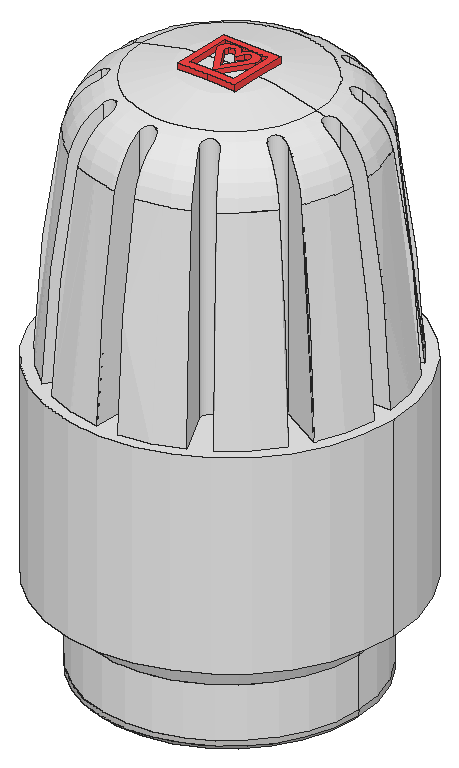
Revit family "HERZ-HERZCULES-Thermostatic Head M28x1.5 9860", category Rohrzubehör, Revit 2021
Family settings
  Bemaßung runder Anschluss = Durchmesser verwenden
  Teiletyp = Normal
  OmniClass-Nummer = 23.65.55.14
  OmniClass-Titel = Valves for Liquid Services
  Arbeitsebenenbasiert = Nein
  Immer vertikal = Nein
  Beim Laden mit Abzugskörper schneiden = Nein
  Gemeinsam genutzt = Nein
Parameters
  Vorgabe-Ansicht = 0.000 mm
  URL = "www.herzvalves.com"
  Set value range = "8 - 26°C"  # constant formula
  S02 = 60.000 mm  # constant formula
  S01 = 81.000 mm  # constant formula
  Part number = 1986010  # constant formula
  Operation = "The HERZ-thermostat serves as a sensor and control element.\r\nThe change in volume of the liquid contained in the HERZ-hydrosensor actuates the valve spindle."
  Model = "HERZCULES, radiator thermostat in robust version\r\nProtection against vandalism, theft and unauthorised operation.\r\nMounting, dismounting and set point control only possible with special tools.\r\nLocked and concealed set point.\r\nWith automatic frost release."
  Hersteller = "HERZ Armaturen Ges.m.b.H."  # constant formula
  Hand wheel = "plastic, white"  # constant formula
  Application = "HERZCULES, thermostatic head for mounting on HERZ-Valves, suitable for thermostatic operation."
Reference planes
  plane 1 "Mitte (Vorne/hinten)": y = 0
  plane 2: z = 0
  plane 3 "Mitte (Links/rechts)": x = 0
Forms (mm)
  Revolve 1, solid, material "Kunststoff weiß", detail levels fine
    sketch origin (0, 0, 0) x (1, 0, 0) y (0, 0, 1)
      loop
        line (-20.5, -3.5) -> (-14, -3.5) -> (-14, 0) -> (0, 0) -> (0, 81)
        arc (0, 81) -> (-6.982, 80.51) -> (-13.827, 79.05) r 50
        arc (-13.827, 79.05) -> (-18.34, 76.173) -> (-20.722, 71.381) r 10
        arc (-20.722, 71.381) -> (-23.123, 55.561) -> (-24.254, 39.6) r 200.5
        line (-24.254, 39.6) -> (-26, 39.6) -> (-26, 9) -> (-23.156, 9) -> (-20.5, 4.4) -> (-20.5, -3.5)
      axis (0, 81) -> (0, -3.5)
    angle from 0 to 360
  Revolve 2, solid, material "Messing verzinkt", detail levels fine
    sketch origin (0, 0, -5) x (1, 0, 0) y (0, 0, 1)
      loop
        line (-14, 0) -> (-14, 1.5) -> (-20.5, 1.5) -> (-20.5, 0.7) -> (-19.8, 0) -> (-14, 0)
      axis (0, 1.5) -> (0, 0)
    angle from 0 to 360
  Extrusion 3, void
    sketch origin (0, 0, 0) x (1, 0, 0) y (0, 1, 0)
      loop
        line (1.7, -24.289) -> (1.331, -16.288)
        arc (1.331, -16.288) -> (-0.021, -15) -> (-1.366, -16.294) r 1.35
        line (-1.366, -16.294) -> (-1.7, -24.292)
        arc (-1.7, -24.292) -> (0, -24.35) -> (1.7, -24.289) r 24.35
      loop
        arc (-13.65, -20.176) -> (-12.208, -21.079) -> (-10.707, -21.879) r 24.35
        line (-10.707, -21.879) -> (-6.996, -14.785)
        arc (-6.996, -14.785) -> (-7.515, -12.992) -> (-9.329, -13.431) r 1.35
        line (-9.329, -13.431) -> (-13.65, -20.176)
      loop
        line (-20.194, -13.632) -> (-13.449, -9.312)
        arc (-13.449, -9.312) -> (-13.009, -7.497) -> (-14.803, -6.979) r 1.35
        line (-14.803, -6.979) -> (-21.896, -10.689)
        arc (-21.896, -10.689) -> (-21.097, -12.19) -> (-20.194, -13.632) r 24.35
      loop
        arc (-24.307, 1.718) -> (-24.368, 0.018) -> (-24.309, -1.682) r 24.35
        line (-24.309, -1.682) -> (-16.311, -1.349)
        arc (-16.311, -1.349) -> (-15.018, -0.003) -> (-16.305, 1.349) r 1.35
        line (-16.305, 1.349) -> (-24.307, 1.718)
      loop
        arc (1.7, 24.289) -> (0, 24.35) -> (-1.7, 24.292) r 24.35
        line (-1.7, 24.292) -> (-1.366, 16.294)
        arc (-1.366, 16.294) -> (-0.021, 15) -> (1.331, 16.288) r 1.35
        line (1.331, 16.288) -> (1.7, 24.289)
      loop
        line (-13.65, 20.176) -> (-9.329, 13.431)
        arc (-9.329, 13.431) -> (-7.515, 12.992) -> (-6.996, 14.785) r 1.35
        line (-6.996, 14.785) -> (-10.707, 21.879)
        arc (-10.707, 21.879) -> (-12.208, 21.079) -> (-13.65, 20.176) r 24.35
      loop
        arc (-20.194, 13.632) -> (-21.097, 12.19) -> (-21.896, 10.689) r 24.35
        line (-21.896, 10.689) -> (-14.803, 6.979)
        arc (-14.803, 6.979) -> (-13.009, 7.497) -> (-13.449, 9.312) r 1.35
        line (-13.449, 9.312) -> (-20.194, 13.632)
      loop
        line (24.307, 1.718) -> (16.305, 1.349)
        arc (16.305, 1.349) -> (15.018, -0.003) -> (16.311, -1.349) r 1.35
        line (16.311, -1.349) -> (24.309, -1.682)
        arc (24.309, -1.682) -> (24.368, 0.018) -> (24.307, 1.718) r 24.35
      loop
        arc (13.65, 20.176) -> (12.208, 21.079) -> (10.707, 21.879) r 24.35
        line (10.707, 21.879) -> (6.996, 14.785)
        arc (6.996, 14.785) -> (7.515, 12.992) -> (9.329, 13.431) r 1.35
        line (9.329, 13.431) -> (13.65, 20.176)
      loop
        line (20.194, 13.632) -> (13.449, 9.312)
        arc (13.449, 9.312) -> (13.009, 7.497) -> (14.803, 6.979) r 1.35
        line (14.803, 6.979) -> (21.896, 10.689)
        arc (21.896, 10.689) -> (21.097, 12.19) -> (20.194, 13.632) r 24.35
      loop
        line (13.65, -20.176) -> (9.329, -13.431)
        arc (9.329, -13.431) -> (7.515, -12.992) -> (6.996, -14.785) r 1.35
        line (6.996, -14.785) -> (10.707, -21.879)
        arc (10.707, -21.879) -> (12.208, -21.079) -> (13.65, -20.176) r 24.35
      loop
        arc (20.194, -13.632) -> (21.097, -12.19) -> (21.896, -10.689) r 24.35
        line (21.896, -10.689) -> (14.803, -6.979)
        arc (14.803, -6.979) -> (13.009, -7.497) -> (13.449, -9.312) r 1.35
        line (13.449, -9.312) -> (20.194, -13.632)
    from 39.6 to 90
Cuts and joins
  Extrusion 3 cuts Revolve 1
Lines and regions (mm)
  model lines, detail levels coarse+medium
    curve 1: line (0, 0, 0) -> (0, 0, 21)
    curve 2: line (0, -0.017, 0) -> (0, 21, 0)
    curve 3: circle (0, 0, 51) r 30 normal (0, -1, 0)
    curve 4: circle (0, 0, 51) r 30 normal (1, 0, 0)
    curve 5: line (0, 0, 31) -> (0, 0, 71)
    curve 6: line (0, 17.5, 71) -> (0, -17.5, 71)
    curve 7: line (0, 0, 31) -> (0, 0, 71)
    curve 8: line (-17.5, 0, 71) -> (17.5, 0, 71)
    curve 9: circle (0, 51, 0) r 30 normal (0, 0, 1)
    curve 10: line (0, 31, 0) -> (0, 71, 0)
    curve 11: line (-17.5, 71, 0) -> (17.5, 71, 0)
Dimensions and locks
  nested 1 to plane 2 = 80.000 mm
  "S01": curve 4 to plane 2
  "S01": curve 3 to plane 2
  "S01": plane 1 "Mitte (Vorne/hinten)" to curve 9
  "S02": diameter of curve 3
  "S02": diameter of curve 4
  "S02": diameter of curve 9
  aligned and locked: level to plane 2
Automatic sketch dimensions
  Revolve 1 sketch curve to level = 0.000 mm
  Revolve 1 sketch curve to plane 3 "Mitte (Links/rechts)" = 0.000 mm  (x2)
  Revolve 1 sketch curve to plane 3 "Mitte (Links/rechts)" = 10.903 mm
  Revolve 1 sketch curve to plane 3 "Mitte (Links/rechts)" = 14.000 mm
  Revolve 1 sketch curve to Revolve 1 sketch curve = 6.500 mm
  level to Revolve 1 sketch curve = 9.000 mm
  Revolve 1 sketch curve to Revolve 1 sketch curve = 2.656 mm
  Revolve 1 sketch curve to plane 3 "Mitte (Links/rechts)" = 24.254 mm
  Revolve 1 sketch curve to Revolve 1 sketch curve = 1.746 mm
  level to Revolve 1 sketch curve = 33.411 mm
  plane 3 "Mitte (Links/rechts)" to Revolve 1 sketch curve = 176.150 mm
  Revolve 1 sketch curve to level = 3.500 mm
  level to Revolve 1 sketch curve = 4.400 mm
  level to Revolve 1 sketch curve = 31.000 mm
  Revolve 1 sketch curve to Revolve 1 sketch curve = 8.600 mm
  Revolve 1 sketch curve to Revolve 1 sketch curve = 29.887 mm
  Revolve 1 sketch curve to Revolve 1 sketch curve = 11.513 mm
  Revolve 1 sketch curve to Revolve 1 sketch curve = 2.925 mm
  level to Revolve 1 sketch curve = 5.000 mm
  Revolve 1 sketch curve to Revolve 1 sketch curve = 2133.315 mm
  Revolve 2 sketch curve to plane 3 "Mitte (Links/rechts)" = 0.000 mm
  Revolve 2 sketch curve to level = 5.000 mm
  Revolve 2 sketch curve to plane 3 "Mitte (Links/rechts)" = 14.000 mm
  Revolve 2 sketch curve to Revolve 2 sketch curve = 5.800 mm
  Revolve 2 sketch curve to Revolve 2 sketch curve = 0.700 mm  (x2)
  Revolve 2 sketch curve to Revolve 2 sketch curve = 1.500 mm
  Revolve 2 sketch curve to Revolve 2 sketch curve = 366.045 mm
  level to Revolve 2 sketch curve = 2209.315 mm
  Extrusion 3 sketch curve to Extrusion 3 sketch curve = 0.000 mm  (x62)
  plane 1 "Mitte (Vorne/hinten)" to Extrusion 3 sketch curve = 0.000 mm  (x4)
  plane 1 "Mitte (Vorne/hinten)" to Extrusion 3 sketch curve = 1.682 mm  (x2)
  Extrusion 3 sketch curve to plane 3 "Mitte (Links/rechts)" = 24.309 mm
  Extrusion 3 sketch curve to plane 1 "Mitte (Vorne/hinten)" = 1.718 mm  (x2)
  Extrusion 3 sketch curve to Extrusion 3 sketch curve = 0.002 mm
  plane 1 "Mitte (Vorne/hinten)" to Extrusion 3 sketch curve = 10.689 mm  (x2)
  Extrusion 3 sketch curve to Extrusion 3 sketch curve = 2.413 mm
  plane 1 "Mitte (Vorne/hinten)" to Extrusion 3 sketch curve = 13.632 mm
  Extrusion 3 sketch curve to Extrusion 3 sketch curve = 4.113 mm
  Extrusion 3 sketch curve to Extrusion 3 sketch curve = 7.942 mm
  plane 1 "Mitte (Vorne/hinten)" to Extrusion 3 sketch curve = 1.349 mm  (x2)
  Extrusion 3 sketch curve to Extrusion 3 sketch curve = 0.056 mm
  Extrusion 3 sketch curve to plane 1 "Mitte (Vorne/hinten)" = 1.349 mm  (x2)
  Extrusion 3 sketch curve to plane 1 "Mitte (Vorne/hinten)" = 6.979 mm  (x2)
  Extrusion 3 sketch curve to Extrusion 3 sketch curve = 1.503 mm  (x4)
  plane 1 "Mitte (Vorne/hinten)" to Extrusion 3 sketch curve = 6.979 mm  (x2)
  Extrusion 3 sketch curve to Extrusion 3 sketch curve = 1.509 mm
  Extrusion 3 sketch curve to Extrusion 3 sketch curve = 0.626 mm  (x6)
  Extrusion 3 sketch curve to Extrusion 3 sketch curve = 6.544 mm  (x2)
  Extrusion 3 sketch curve to plane 1 "Mitte (Vorne/hinten)" = 9.312 mm
  Extrusion 3 sketch curve to Extrusion 3 sketch curve = 0.728 mm  (x6)
  plane 1 "Mitte (Vorne/hinten)" to Extrusion 3 sketch curve = 9.312 mm
  Extrusion 3 sketch curve to Extrusion 3 sketch curve = 2.943 mm  (x4)
  Extrusion 3 sketch curve to Extrusion 3 sketch curve = 4.120 mm  (x6)
  Extrusion 3 sketch curve to Extrusion 3 sketch curve = 1.137 mm  (x4)
  Extrusion 3 sketch curve to Extrusion 3 sketch curve = 1.196 mm  (x5)
  Extrusion 3 sketch curve to plane 3 "Mitte (Links/rechts)" = 1.700 mm  (x2)
  Extrusion 3 sketch curve to plane 3 "Mitte (Links/rechts)" = 1.366 mm  (x2)
  Extrusion 3 sketch curve to plane 3 "Mitte (Links/rechts)" = 0.018 mm  (x2)
  plane 3 "Mitte (Links/rechts)" to Extrusion 3 sketch curve = 0.018 mm
  plane 3 "Mitte (Links/rechts)" to Extrusion 3 sketch curve = 1.331 mm  (x2)
  plane 3 "Mitte (Links/rechts)" to Extrusion 3 sketch curve = 1.700 mm  (x2)
  Extrusion 3 sketch curve to Extrusion 3 sketch curve = 5.665 mm  (x2)
  Extrusion 3 sketch curve to Extrusion 3 sketch curve = 3.710 mm  (x2)
  Extrusion 3 sketch curve to Extrusion 3 sketch curve = 0.006 mm  (x3)
  Extrusion 3 sketch curve to Extrusion 3 sketch curve = 6.745 mm  (x6)
  Extrusion 3 sketch curve to Extrusion 3 sketch curve = 1.702 mm  (x3)
  Extrusion 3 sketch curve to plane 1 "Mitte (Vorne/hinten)" = 10.689 mm  (x2)
  Extrusion 3 sketch curve to Extrusion 3 sketch curve = 8.002 mm  (x3)
  Extrusion 3 sketch curve to Extrusion 3 sketch curve = 7.181 mm
  Extrusion 3 sketch curve to Extrusion 3 sketch curve = 4.848 mm
  Extrusion 3 sketch curve to Extrusion 3 sketch curve = 2.333 mm
  Extrusion 3 sketch curve to Extrusion 3 sketch curve = 4.320 mm
  curve 5 to plane 1 "Mitte (Vorne/hinten)" = 0.000 mm
  curve 4 to plane 1 "Mitte (Vorne/hinten)" = 0.000 mm
  plane 1 "Mitte (Vorne/hinten)" to curve 6 = 17.500 mm
  curve 5 to curve 6 = 17.500 mm
  curve 5 to curve 4 = 20.000 mm
  curve 4 to curve 6 = 20.000 mm
  curve 3 to plane 3 "Mitte (Links/rechts)" = 0.000 mm
  curve 7 to plane 3 "Mitte (Links/rechts)" = 0.000 mm
  curve 1 to plane 3 "Mitte (Links/rechts)" = 0.000 mm
  curve 1 to level = 0.000 mm
  curve 8 to curve 7 = 17.500 mm
  plane 3 "Mitte (Links/rechts)" to curve 8 = 17.500 mm
  curve 1 to curve 7 = 10.000 mm
  curve 3 to curve 8 = 20.000 mm
  curve 9 to plane 3 "Mitte (Links/rechts)" = 0.000 mm
  curve 10 to plane 3 "Mitte (Links/rechts)" = 0.000 mm
  curve 2 to plane 3 "Mitte (Links/rechts)" = 0.000 mm
  curve 11 to curve 10 = 17.500 mm
  plane 3 "Mitte (Links/rechts)" to curve 11 = 17.500 mm
  plane 1 "Mitte (Vorne/hinten)" to curve 2 = 0.017 mm
  curve 2 to curve 10 = 10.000 mm
  curve 9 to curve 11 = 20.000 mm
Nested families
  nested 1: "Herz-Logo" at (0, 0, 80), type "Herz-Logo", detail levels fine
Definition of nested family "Herz-Logo"
  Parameters (values of type "Herz-Logo")
    Default Elevation = 0.000 mm
  Reference planes
    plane 1 "Mitte (Vorne/hinten)": y = 0
    plane 2: z = 0
    plane 3 "Mitte (Links/rechts)": x = 0
  Forms (mm)
    Extrusion 1, solid
      sketch origin (0, 0, 0) x (1, 0, 0) y (0, 1, 0)
        loop
          line (-0.018, -4.517) -> (4.482, -4.517) -> (4.482, 4.483) -> (-4.518, 4.483) -> (-4.518, -4.517) -> (-0.018, -4.517)
        loop
          line (-0.05, -3.48) -> (3.482, -3.48) -> (3.482, 3.483) -> (-3.518, 3.483) -> (-3.518, -3.48) -> (-0.05, -3.48)
        loop
          arc (-0.018, 2.383) -> (-1.543, 3.287) -> (-3.067, 2.383) r 1.738
          arc (-3.067, 2.383) -> (-3.191, 1.899) -> (-3.067, 1.415) r 1.009
          line (-3.067, 1.415) -> (-0.018, -3.281) -> (3.032, 1.415)
          arc (3.032, 1.415) -> (3.156, 1.899) -> (3.032, 2.383) r 1.009
          arc (3.032, 2.383) -> (1.507, 3.287) -> (-0.018, 2.383) r 1.738
        loop
          arc (1.885, 1.272) -> (2.005, 1.675) -> (1.885, 2.079) r 0.74
          arc (1.885, 2.079) -> (1.265, 2.416) -> (0.644, 2.079) r 0.74
          line (0.644, 2.079) -> (-0.018, 0.97) -> (-0.679, 2.079)
          arc (-0.679, 2.079) -> (-1.3, 2.416) -> (-1.921, 2.079) r 0.74
          arc (-1.921, 2.079) -> (-2.04, 1.675) -> (-1.921, 1.272) r 0.74
          line (-1.921, 1.272) -> (-0.018, -1.658) -> (1.885, 1.272)
      from 0 to 1.5
  Dimensions and locks
    aligned and locked: level to plane 2
